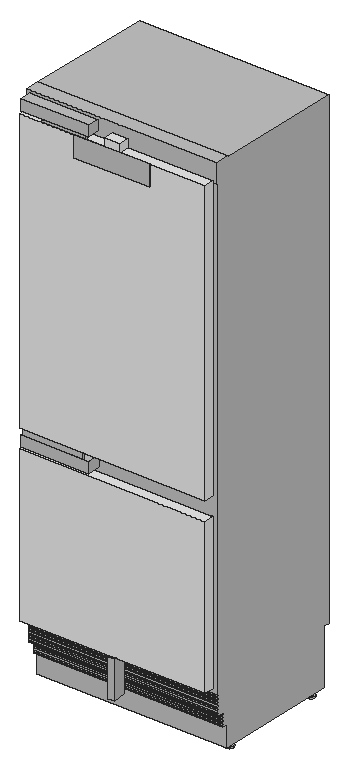
Revit family "FP_Revit_18_RS7621WLUK1_Fridge_90001119A", category Specialty Equipment, Revit 2018 (continued)
Definition of nested family "Handle Contemporary Square - Horizontal"
  Types (7, lengths in mm): name | Handle - Length
    AHD3RD3084W - Contemporary square handle (2 of 2) (Horizontal) 646mm | 646
    AHD3RS3272A - Contemporary square handle (2 of 2) (Horizontal) 646mm | 646
    AHD3RS80A - Contemporary square handle (2 of 2) (Horizontal) 646mm | 646
    AHD3RD6121W - Contemporary square handle (2 of 2) (Horizontal) 494mm | 494
    AHD3RD7621W - Contemporary square handle (2 of 2) (Horizontal) 646mm | 646
  Reference planes
    plane 1 "Center (Front/Back)": y = 0
    plane 2: z = 0
    plane 3 "Center (Left/Right)": x = 0
    plane 4 "Product LHS": x = -323
    plane 5 "Product RHS": x = 323
    plane 6 "LHS Standoff": x = -202.995
    plane 7 "RHS Standoff": x = 203.005
  Forms (mm)
    Extrusion 1, solid, material <- "Material - Handle", detail levels fine
      sketch origin (0, 0, 0) x (0, 1, 0) y (0, 0, 1)
        loop
          arc (-28.701, 7.561) -> (-29.057, 7.868) -> (-29.514, 7.978) r 1
          line (-29.514, 7.978) -> (-40.5, 7.978)
          arc (-40.5, 7.978) -> (-41.561, 7.539) -> (-42, 6.478) r 1.5
          line (-42, 6.478) -> (-42, -6.522)
          arc (-42, -6.522) -> (-41.561, -7.583) -> (-40.5, -8.022) r 1.5
          line (-40.5, -8.022) -> (-29.487, -8.022)
          arc (-29.487, -8.022) -> (-29.029, -7.911) -> (-28.673, -7.602) r 1
          arc (-28.673, -7.602) -> (-26.256, -0.016) -> (-28.701, 7.561) r 13.038
      from -323 to 323
    Extrusion 2, solid, material <- "Material - Handle", detail levels fine
      sketch origin (0, 0, 0) x (0, 1, 0) y (0, 0, 1)
        loop
          arc (-28.23, 7.062) -> (-26.156, 0.008) -> (-28.198, -7.056) r 13.136
          arc (-28.198, -7.056) -> (-28.21, -7.463) -> (-27.86, -7.67) r 0.4
          line (-27.86, -7.67) -> (0, -7.67) -> (0, 7.678) -> (-27.893, 7.678)
          arc (-27.893, 7.678) -> (-28.244, 7.47) -> (-28.23, 7.062) r 0.4
      from 203.005 to 323
    Extrusion 3, solid, material <- "Material - Handle", detail levels fine
      sketch origin (0, 0, 0) x (0, 1, 0) y (0, 0, -1)
        loop
          arc (-28.23, -7.062) -> (-28.244, -7.47) -> (-27.893, -7.678) r 0.4
          line (-27.893, -7.678) -> (0, -7.678) -> (0, 7.67) -> (-27.86, 7.67)
          arc (-27.86, 7.67) -> (-28.21, 7.463) -> (-28.198, 7.056) r 0.4
          arc (-28.198, 7.056) -> (-26.156, -0.008) -> (-28.23, -7.062) r 13.136
      from 202.995 to 323
    Sweep 4, void
      path in 3D
        loop
          line (323, -29.514, 7.978) -> (323, -40.5, 7.978)
          arc (323, -40.5, 7.978) -> (323, -41.561, 7.539) -> (323, -42, 6.478) r 1.5
          line (323, -42, 6.478) -> (323, -42, -6.522)
          arc (323, -42, -6.522) -> (323, -41.561, -7.583) -> (323, -40.5, -8.022) r 1.5
          line (323, -40.5, -8.022) -> (323, -29.487, -8.022)
      profile origin (323, -35.007, 7.978) x (1, 0, 0) y (0, 0, 1)
        loop
          line (0, 0) -> (-1.3, 0) -> (0, -1.3) -> (0, 0)
    Sweep 5, void
      path in 3D
        loop
          line (-323, -29.487, -8.022) -> (-323, -40.5, -8.022)
          arc (-323, -40.5, -8.022) -> (-323, -41.561, -7.583) -> (-323, -42, -6.522) r 1.5
          line (-323, -42, -6.522) -> (-323, -42, 6.478)
          arc (-323, -42, 6.478) -> (-323, -41.561, 7.539) -> (-323, -40.5, 7.978) r 1.5
          line (-323, -40.5, 7.978) -> (-323, -29.514, 7.978)
      profile origin (-323, -35.007, 7.978) x (-1, 0, 0) y (0, 0, 1)
        loop
          line (0, 0) -> (-1.3, 0) -> (0, -1.3) -> (0, 0)
    Extrusion 6, void
      sketch origin (0, 0, 0) x (1, 0, 0) y (0, 0, 1)
        loop
          line (323, 7.978) -> (321.7, 7.978) -> (323, 6.678) -> (323, 7.978)
        loop
          line (323, -8.022) -> (323, -6.722) -> (321.7, -8.022) -> (323, -8.022)
      from 0 to 40
    Extrusion 7, void
      sketch origin (0, 0, 0) x (1, 0, 0) y (0, 0, 1)
        loop
          line (-323, 7.978) -> (-323, 6.678) -> (-321.7, 7.978) -> (-323, 7.978)
        loop
          line (-323, -8.022) -> (-321.7, -8.022) -> (-323, -6.722) -> (-323, -8.022)
      from 0 to 40
    Extrusion 8, solid, material <- "Material - Handle", detail levels coarse+medium
      sketch origin (0, 0, 0) x (1, 0, 0) y (0, 1, 0)
        loop
          line (-323, -42) -> (323, -42) -> (323, 0) -> (203.005, 0) -> (203.005, -26.156) -> (-202.995, -26.156) -> (-202.995, 0) -> (-323, 0) -> (-323, -42)
      from -8.022 to 7.978
  Cuts and joins
    Sweep 4, Sweep 5, Extrusion 6, Extrusion 7 cuts Extrusion 1
    Extrusion 6 cuts Extrusion 2
    Extrusion 7 cuts Extrusion 3
  Lines and regions (mm)
    sketch lines
      curve 1: line (323, -29.514, 7.978) -> (323, -40.5, 7.978)
      curve 2: arc (323, -42, 6.478) -> (323, -41.561, 7.539) -> (323, -40.5, 7.978) r 1.5
      curve 3: line (323, -42, 6.478) -> (323, -42, -6.522)
      curve 4: arc (323, -40.5, -8.022) -> (323, -41.561, -7.583) -> (323, -42, -6.522) r 1.5
      curve 5: line (323, -40.5, -8.022) -> (323, -29.487, -8.022)
      curve 6: line (-323, -40.5, 7.978) -> (-323, -29.514, 7.978)
      curve 7: arc (-323, -40.5, 7.978) -> (-323, -41.561, 7.539) -> (-323, -42, 6.478) r 1.5
      curve 8: line (-323, -42, -6.522) -> (-323, -42, 6.478)
      curve 9: arc (-323, -42, -6.522) -> (-323, -41.561, -7.583) -> (-323, -40.5, -8.022) r 1.5
      curve 10: line (-323, -29.487, -8.022) -> (-323, -40.5, -8.022)
  Dimensions and locks
    equal spacing: plane 4 "Product LHS", plane 3 "Center (Left/Right)", plane 5 "Product RHS"
    "Handle - Length": plane 4 "Product LHS" to plane 5 "Product RHS"
    locked: plane 4 "Product LHS" to plane 6 "LHS Standoff" at 120.005
    locked: plane 7 "RHS Standoff" to plane 5 "Product RHS" at 119.995
    aligned and locked: level to plane 2
    aligned and locked: Extrusion 1 to plane 5 "Product RHS"
    aligned and locked: plane 4 "Product LHS" to Extrusion 1
    aligned and locked: Extrusion 2 to plane 5 "Product RHS"
    aligned and locked: plane 4 "Product LHS" to Extrusion 3
    aligned and locked: plane 4 "Product LHS" to Extrusion 8 sketch curve
    aligned and locked: Extrusion 8 sketch curve to plane 5 "Product RHS"
    aligned and locked: Extrusion 8 sketch curve to plane 7 "RHS Standoff"
    aligned and locked: plane 6 "LHS Standoff" to Extrusion 8 sketch curve
    aligned and locked: Extrusion 2 to plane 7 "RHS Standoff"
    aligned and locked: plane 6 "LHS Standoff" to Extrusion 3
  Automatic sketch dimensions
    Extrusion 1 sketch curve to level = 6.522 mm
    plane 1 "Center (Front/Back)" to Extrusion 1 sketch curve = 42 mm
    Extrusion 1 sketch curve to Extrusion 1 sketch curve = 1.5 mm  (x2)
    Extrusion 1 sketch curve to level = 0.04 mm
    Extrusion 1 sketch curve to Extrusion 1 sketch curve = 1.206 mm
    level to Extrusion 1 sketch curve = 6.978 mm
    Extrusion 1 sketch curve to Extrusion 1 sketch curve = 10.986 mm
    Extrusion 1 sketch curve to Extrusion 1 sketch curve = 11.013 mm
    Extrusion 1 sketch curve to Extrusion 1 sketch curve = 1 mm
    level to Extrusion 1 sketch curve = 6.478 mm
    Extrusion 1 sketch curve to Extrusion 1 sketch curve = 0 mm
    Extrusion 2 sketch curve to plane 1 "Center (Front/Back)" = 0 mm
    Extrusion 2 sketch curve to level = 7.67 mm
    Extrusion 2 sketch curve to Extrusion 2 sketch curve = 27.86 mm
    level to Extrusion 2 sketch curve = 7.678 mm
    Extrusion 2 sketch curve to Extrusion 2 sketch curve = 0.033 mm
    Extrusion 2 sketch curve to level = 0.022 mm
    Extrusion 2 sketch curve to Extrusion 2 sketch curve = 11.398 mm
    Extrusion 2 sketch curve to Extrusion 2 sketch curve = 0.4 mm  (x2)
    Extrusion 2 sketch curve to Extrusion 2 sketch curve = 0 mm
    Extrusion 3 sketch curve to plane 1 "Center (Front/Back)" = 0 mm
    Extrusion 3 sketch curve to level = 7.67 mm
    Extrusion 3 sketch curve to Extrusion 3 sketch curve = 27.86 mm
    level to Extrusion 3 sketch curve = 7.678 mm
    Extrusion 3 sketch curve to Extrusion 3 sketch curve = 0.033 mm
    Extrusion 3 sketch curve to level = 0.022 mm
    Extrusion 3 sketch curve to Extrusion 3 sketch curve = 11.398 mm
    Extrusion 3 sketch curve to Extrusion 3 sketch curve = 0.4 mm  (x2)
    Extrusion 3 sketch curve to Extrusion 3 sketch curve = 0 mm
    profile plane to Sweep 4 sketch curve = 0 mm
    Sweep 4 sketch curve to profile plane = 0 mm
    Sweep 4 sketch curve to profile plane = 1.3 mm
    profile plane to Sweep 4 sketch curve = 1.3 mm
    Sweep 5 sketch curve to profile plane = 0 mm  (x2)
    profile plane to Sweep 5 sketch curve = 1.3 mm
    Sweep 5 sketch curve to profile plane = 1.3 mm
    plane 5 "Product RHS" to Extrusion 6 sketch curve = 0 mm  (x2)
    Extrusion 6 sketch curve to Extrusion 6 sketch curve = 1.3 mm  (x4)
    Extrusion 6 sketch curve to level = 6.722 mm
    level to Extrusion 6 sketch curve = 6.678 mm
    plane 4 "Product LHS" to Extrusion 7 sketch curve = 0 mm  (x2)
    Extrusion 7 sketch curve to plane 4 "Product LHS" = 1.3 mm  (x2)
    Extrusion 7 sketch curve to level = 8.022 mm
    level to Extrusion 7 sketch curve = 6.678 mm
    Extrusion 7 sketch curve to Extrusion 7 sketch curve = 1.3 mm  (x2)
    plane 1 "Center (Front/Back)" to Extrusion 8 sketch curve = 0 mm  (x2)
    Extrusion 8 sketch curve to Extrusion 8 sketch curve = 26.156 mm
    Extrusion 8 sketch curve to Extrusion 8 sketch curve = 42 mm
Definition of nested family "F&P Handle Kit - Contemporary Square Fine - Horizontal"
  Parameters (values of type "AHD5RD2484W - Contemporary square fine handle (2 of 2) (Horizontal) 494mm")
    URL = "www.fisherpaykel.com"
    Material - Handle = none
    Manufacturer = "Fisher & Paykel Appliances"
    Handle - Length = 494 mm
  Types (15, lengths in mm): name | Handle - Length
    (no name) | 494
    AHD5RD2484W - Contemporary square fine handle (2 of 2) (Horizontal) 494mm | 494
    AHD5RD2484WB - Contemporary square fine black handle (2 of 2) (Horizontal) 494mm | 494
    AHD5RD3084W - Contemporary square fine handle (2 of 2) (Horizontal) 646mm | 646
    AHD5RD3084WB - Contemporary square fine black handle (2 of 2) (Horizontal) 646mm | 646
    AHD5RD7621W - Contemporary square fine handle (2 of 2) (Horizontal) 646mm | 646
    AHD5RD7621WB - Contemporary square fine handle black (2 of 2) (Horizontal) 646mm | 646
    AHD5RD6121W - Contemporary square fine handle (2 of 2) (Horizontal) 494mm | 494
    AHD5RD6121WB - Contemporary square fine handle black (2 of 2) (Horizontal) 494mm | 494
    AHD5RD36A - Contemporary square fine handle (2 of 2) (Horizontal) 746mm | 746
    AHD5RD36AB - Contemporary square fine black handle (2 of 2) (Horizontal) 746mm | 746
    AHD5RD90A - Contemporary square fine handle (2 of 2) (Horizontal) 746mm | 746
    AHD5RD80A - Contemporary square fine handle (2 of 2) (Horizontal) 646mm | 646
    AHD5RD80AB - Contemporary square fine black handle (2 of 2) (Horizontal) 646mm | 646
    AHD5RD90AB - Contemporary square fine black handle (2 of 2) (Horizontal) 746mm | 746
  Reference planes
    plane 1 "Center (Front/Back)": y = 0
    plane 2: z = 0
    plane 3 "Center (Left/Right)": x = 0
    plane 4 "Product LHS": x = -247
    plane 5 "Product RHS": x = 247
    plane 6 "LHS Standoff": x = -126.995
    plane 7 "RHS Standoff": x = 127.005
  Forms (mm)
    Extrusion 1, solid, material <- "Material - Handle", detail levels fine
      sketch origin (0, 0, 0) x (0, 1, 0) y (0, 0, 1)
        loop
          arc (-26.813, 6.16) -> (-27.196, 6.554) -> (-27.728, 6.686) r 1
          line (-27.728, 6.686) -> (-40.035, 6.256)
          arc (-40.035, 6.256) -> (-40.719, 5.951) -> (-41, 5.257) r 1
          line (-41, 5.257) -> (-41, -5.257)
          arc (-41, -5.257) -> (-40.719, -5.951) -> (-40.035, -6.256) r 1
          line (-40.035, -6.256) -> (-27.709, -6.686)
          arc (-27.709, -6.686) -> (-27.175, -6.554) -> (-26.792, -6.158) r 1
          arc (-26.792, -6.158) -> (-25.256, 0.004) -> (-26.813, 6.16) r 13.038
      from -247 to 247
    Extrusion 2, solid, material <- "Material - Handle", detail levels fine
      sketch origin (0, 0, 0) x (0, 1, 0) y (0, 0, 1)
        loop
          arc (-26.626, -6.008) -> (-26.614, -6.49) -> (-26.2, -6.737) r 0.5
          line (-26.2, -6.737) -> (0, -7.696) -> (0, 7.704) -> (-26.174, 6.747)
          arc (-26.174, 6.747) -> (-26.587, 6.5) -> (-26.6, 6.019) r 0.5
          arc (-26.6, 6.019) -> (-25.156, 0.002) -> (-26.626, -6.008) r 13.136
      from 127.005 to 247
    Extrusion 3, solid, material <- "Material - Handle", detail levels coarse+medium
      sketch origin (0, 0, 0) x (1, 0, 0) y (0, 1, 0)
        loop
          line (-247, -42) -> (247, -42) -> (247, 0) -> (127.005, 0) -> (127.005, -26.156) -> (-126.995, -26.156) -> (-126.995, 0) -> (-247, 0) -> (-247, -42)
      from -8.022 to 7.978
    Extrusion 4, solid, material <- "Material - Handle", detail levels fine
      sketch origin (0, 0, 0) x (0, 1, 0) y (0, 0, 1)
        loop
          arc (-26.626, -6.008) -> (-26.614, -6.49) -> (-26.2, -6.737) r 0.5
          line (-26.2, -6.737) -> (0, -7.696) -> (0, 7.704) -> (-26.174, 6.747)
          arc (-26.174, 6.747) -> (-26.587, 6.5) -> (-26.6, 6.019) r 0.5
          arc (-26.6, 6.019) -> (-25.156, 0.002) -> (-26.626, -6.008) r 13.136
      from -247 to -126.995
  Dimensions and locks
    equal spacing: plane 4 "Product LHS", plane 3 "Center (Left/Right)", plane 5 "Product RHS"
    "Handle - Length": plane 4 "Product LHS" to plane 5 "Product RHS"
    locked: plane 4 "Product LHS" to plane 6 "LHS Standoff" at 120.005
    locked: plane 7 "RHS Standoff" to plane 5 "Product RHS" at 119.995
    aligned and locked: level to plane 2
    aligned and locked: Extrusion 1 to plane 5 "Product RHS"
    aligned and locked: plane 4 "Product LHS" to Extrusion 1
    aligned and locked: Extrusion 2 to plane 5 "Product RHS"
    aligned and locked: plane 4 "Product LHS" to Extrusion 3 sketch curve
    aligned and locked: Extrusion 3 sketch curve to plane 5 "Product RHS"
    aligned and locked: Extrusion 3 sketch curve to plane 7 "RHS Standoff"
    aligned and locked: plane 6 "LHS Standoff" to Extrusion 3 sketch curve
    aligned and locked: plane 4 "Product LHS" to Extrusion 4
    aligned and locked: plane 6 "LHS Standoff" to Extrusion 4
    aligned and locked: Extrusion 2 to plane 7 "RHS Standoff"
  Automatic sketch dimensions
    Extrusion 1 sketch curve to level = 5.257 mm
    plane 1 "Center (Front/Back)" to Extrusion 1 sketch curve = 41 mm
    level to Extrusion 1 sketch curve = 6.256 mm
    Extrusion 1 sketch curve to Extrusion 1 sketch curve = 0.965 mm  (x2)
    Extrusion 1 sketch curve to level = 6.256 mm
    Extrusion 1 sketch curve to Extrusion 1 sketch curve = 0.035 mm  (x3)
    Extrusion 1 sketch curve to level = 0.018 mm
    Extrusion 1 sketch curve to Extrusion 1 sketch curve = 1.706 mm
    level to Extrusion 1 sketch curve = 6.686 mm
    Extrusion 1 sketch curve to Extrusion 1 sketch curve = 12.307 mm
    Extrusion 1 sketch curve to level = 6.686 mm
    Extrusion 1 sketch curve to Extrusion 1 sketch curve = 12.326 mm
    Extrusion 1 sketch curve to Extrusion 1 sketch curve = 0.999 mm  (x2)
    Extrusion 1 sketch curve to Extrusion 1 sketch curve = 0 mm
    Extrusion 2 sketch curve to plane 1 "Center (Front/Back)" = 0 mm
    level to Extrusion 2 sketch curve = 6.247 mm
    plane 1 "Center (Front/Back)" to Extrusion 2 sketch curve = 26.155 mm
    level to Extrusion 2 sketch curve = 6.747 mm
    Extrusion 2 sketch curve to Extrusion 2 sketch curve = 0.018 mm  (x2)
    Extrusion 2 sketch curve to level = 6.238 mm
    Extrusion 2 sketch curve to Extrusion 2 sketch curve = 0.026 mm
    Extrusion 2 sketch curve to level = 6.737 mm
    level to Extrusion 2 sketch curve = 0.03 mm
    Extrusion 2 sketch curve to Extrusion 2 sketch curve = 12.11 mm
    Extrusion 2 sketch curve to level = 7.696 mm
    level to Extrusion 2 sketch curve = 7.704 mm
    Extrusion 2 sketch curve to Extrusion 2 sketch curve = 0 mm
    plane 1 "Center (Front/Back)" to Extrusion 3 sketch curve = 42 mm
    Extrusion 3 sketch curve to Extrusion 3 sketch curve = 15.844 mm
    Extrusion 3 sketch curve to Extrusion 3 sketch curve = 26.156 mm  (x2)
    level to Extrusion 4 sketch curve = 0.03 mm
    plane 1 "Center (Front/Back)" to Extrusion 4 sketch curve = 38.291 mm
    Extrusion 4 sketch curve to level = 6.737 mm
    Extrusion 4 sketch curve to Extrusion 4 sketch curve = 12.091 mm
    Extrusion 4 sketch curve to Extrusion 4 sketch curve = 0.018 mm  (x2)
    level to Extrusion 4 sketch curve = 6.747 mm
    Extrusion 4 sketch curve to Extrusion 4 sketch curve = 0.008 mm
    level to Extrusion 4 sketch curve = 7.704 mm
    Extrusion 4 sketch curve to Extrusion 4 sketch curve = 26.174 mm
    Extrusion 4 sketch curve to level = 7.696 mm
    Extrusion 4 sketch curve to Extrusion 4 sketch curve = 0.5 mm  (x2)
    Extrusion 4 sketch curve to Extrusion 4 sketch curve = 0 mm
Definition of nested family "Visibility Control Note 18"
  Types (3): name
    New
    Resolved
    Active
  Reference planes
    plane 1: y = 0
    plane 2: x = 0
  Text (mm)
    text "Edit Type: \nTo control handle kit \nand door panel visibility\n options\n\nDelete unwanted kits \nto reduce file size" at (-0.165, 35.556, 0)
